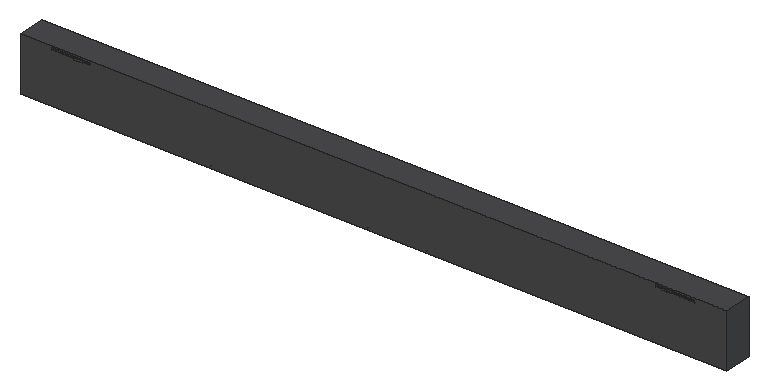
Revit family "DOT BLOCK CEILLING 946_DTSM40U9.1", category Luminarias, Revit 2019
Family settings
  Cota de conector redondo = Diámetro de uso
  Tipo de pieza = Normal
  Se basa en plano de trabajo = Sí
  Siempre vertical = Sí
  Corte con vacíos al cargar = No
  Origen de luz = Sí
  Compartido = No
  Punto de cálculo de habitación = No
Parameters (values of type "DOT BLOCK CEILLING 946_DTSM40U9.1.24")
  Ángulo de inclinación = 60.00°
  Ángulo de enfoque = 24.00°
  Ángulo de campo de foco = 24.00°
  Zone [instance] = ""
  Watt per fixture = 40
  Wattage = 40 W
  built-in parameter 1150107 = 2700 (stored number, unit not read)
  built-in parameter 1150110 = 1 (stored number, unit not read)
  built-in parameter 1150109 = 1 (stored number, unit not read)
  built-in parameter 1150112 = 1 (stored number, unit not read)
  built-in parameter 1150113 = 1 (stored number, unit not read)
  built-in parameter 1114218 = 1 (stored number, unit not read)
  Keynote = ""
  built-in parameter 1150137 = (empty or 0)
  built-in parameter 1150132 = (empty or 0)
  Modelo = "DTSM40U9.1.24"
  Lámpara = "3030SMD PHILIPS"
  Light Source Symbol Length = 3048 mm
  built-in parameter 1150105 = 10699.4 (stored number, unit not read)
  built-in parameter 1150102 = (empty or 0)
  built-in parameter 1150106 = 106.99 (stored number, unit not read)
  Lumens = 3200 lm
  Color Filter = 16777215
  built-in parameter 1114217 = 1 (stored number, unit not read)
  built-in parameter 1150139 = (empty or 0)
  Fabricante = "BRILLANT"
  Default Elevation = 1219.2 mm
  built-in parameter 1150104 = 7.4322 (stored number, unit not read)
  Descripción = "LUMINARIA DOWNLIGHT EN FORMATO RECTANGULAR PARA SOBREPONER DIRECTO EN TECHO, CUERPO DE ALUMINIO ACABADO EN COLOR NEGRO, IP 20, PESO 1.98Kg, TIPO DE LED 3030SMD PHILIPS CON 40W TOTAL, 3100 LUMENES, 80LM/W, IRC 90, TEMPERATURA EN BLANCO CALIDO 2700K, 50 MIL HORAS DE VIDA PROMEDIO, APERTURA DE 24 GRADOS POR STOCK, ALIMENTADO A 90-240V"
  built-in parameter 1150115 = 1 (stored number, unit not read)
  built-in parameter 1150114 = 1 (stored number, unit not read)
  Comentarios de vataje = "90-240V"
  built-in parameter 1150138 = (empty or 0)
  built-in parameter 1150134 = (empty or 0)
  Circuit [instance] = ""
  Dimming Lamp Color Temperature Shift = (empty or 0)
  Longitud de símbolo de origen de luz = 3048 mm
Types (4, lengths in mm): name | Ángulo de enfoque | Ángulo de campo de foco | Modelo | Descripción
  DOT BLOCK CEILLING 946_DTSM40U9.1.24 | 24.00° | 24.00° | "DTSM40U9.1.24" | "LUMINARIA DOWNLIGHT EN FORMATO RECTANGULAR PARA SOBREPONER DIRECTO EN TECHO, CUERPO DE ALUMINIO ACABADO EN COLOR NEGRO, IP 20, PESO 1.98Kg, TIPO DE LED 3030SMD PHILIPS CON 40W TOTAL, 3100 LUMENES, 80LM/W, IRC 90, TEMPERATURA EN BLANCO CALIDO 2700K, 50 MIL HORAS DE VIDA PROMEDIO, APERTURA DE 24 GRADOS POR STOCK, ALIMENTADO A 90-240V"
  DOT BLOCK CEILLING 946_DTSM40U9.1.36 | 36.00° | 36.00° | "DTSM40U9.1.36" | "LUMINARIA DOWNLIGHT EN FORMATO RECTANGULAR PARA SOBREPONER DIRECTO EN TECHO, CUERPO DE ALUMINIO ACABADO EN COLOR NEGRO, IP 20, PESO 1.98Kg, TIPO DE LED 3030SMD PHILIPS CON 40W TOTAL, 3100 LUMENES, 80LM/W, IRC 90, TEMPERATURA EN BLANCO CALIDO 2700K, 50 MIL HORAS DE VIDA PROMEDIO, APERTURA DE 36 GRADOS POR PROYECTO, ALIMENTADO A 90-240V"
  DOT BLOCK CEILLING 946_DTSM40U9.1.15 | 15.00° | 15.00° | "DTSM40U9.1.15" | "LUMINARIA DOWNLIGHT EN FORMATO RECTANGULAR PARA SOBREPONER DIRECTO EN TECHO, CUERPO DE ALUMINIO ACABADO EN COLOR NEGRO, IP 20, PESO 1.98Kg, TIPO DE LED 3030SMD PHILIPS CON 40W TOTAL, 3100 LUMENES, 80LM/W, IRC 90, TEMPERATURA EN BLANCO CALIDO 2700K, 50 MIL HORAS DE VIDA PROMEDIO, APERTURA DE 15 GRADOS POR PROYECTO, ALIMENTADO A 90-240V"
  DOT BLOCK CEILLING 946_DTSM40U9.1.1535 | 35.00° | 15.00° | "DTSM40U9.1.1535" | "LUMINARIA DOWNLIGHT EN FORMATO RECTANGULAR PARA SOBREPONER DIRECTO EN TECHO, CUERPO DE ALUMINIO ACABADO EN COLOR NEGRO, IP 20, PESO 1.98Kg, TIPO DE LED 3030SMD PHILIPS CON 40W TOTAL, 3100 LUMENES, 80LM/W, IRC 90, TEMPERATURA EN BLANCO CALIDO 2700K, 50 MIL HORAS DE VIDA PROMEDIO, APERTURA ELIPTICA DE 15X35 GRADOS POR PROYECTO, ALIMENTADO A 90-240V"
Reference planes
  plane 1 "Centro (Frontal/Posterior)": y = 0
  plane 2: z = 0
  plane 3 "Centro (Izquierda/Derecha)": x = 0
Forms (mm)
  Extrusion 1, solid, material "Default Form", not visible
    sketch origin (0, 0, 0) x (1, 0, 0) y (0, 0, 1)
      loop
        line (-473, 0) -> (-473, -72) -> (473, -72) -> (473, 0) -> (-473, 0)
    from -18.326 to 18.326
  Blend 2, void, not visible
    base sketch origin (-293.63, 0, 0) x (1, 0, 0) y (0, 1, 0)
      loop
        line (-162, 16.149) -> (-162, -16.149) -> (-144.14, -16.149) -> (-144.14, 16.149) -> (-162, 16.149)
    top sketch origin (-293.63, 0, 0) x (1, 0, 0) y (0, 1, 0)
      loop
        line (-160, 12.149) -> (-160, -12.149) -> (-146.14, -12.149) -> (-146.14, 12.149) -> (-160, 12.149)
    from -72 to -61.591
  Blend 3, void, not visible
    base sketch origin (-267.33, 0, 0) x (1, 0, 0) y (0, 1, 0)
      loop
        line (-162, 16.149) -> (-162, -16.149) -> (-144.14, -16.149) -> (-144.14, 16.149) -> (-162, 16.149)
    top sketch origin (-267.33, 0, 0) x (1, 0, 0) y (0, 1, 0)
      loop
        line (-160, 12.149) -> (-160, -12.149) -> (-146.14, -12.149) -> (-146.14, 12.149) -> (-160, 12.149)
    from -72 to -61.591
  Blend 4, void, not visible
    base sketch origin (-241.03, 0, 0) x (1, 0, 0) y (0, 1, 0)
      loop
        line (-162, 16.149) -> (-162, -16.149) -> (-144.14, -16.149) -> (-144.14, 16.149) -> (-162, 16.149)
    top sketch origin (-241.03, 0, 0) x (1, 0, 0) y (0, 1, 0)
      loop
        line (-160, 12.149) -> (-160, -12.149) -> (-146.14, -12.149) -> (-146.14, 12.149) -> (-160, 12.149)
    from -72 to -61.591
  Blend 5, void, not visible
    base sketch origin (-214.73, 0, 0) x (1, 0, 0) y (0, 1, 0)
      loop
        line (-162, 16.149) -> (-162, -16.149) -> (-144.14, -16.149) -> (-144.14, 16.149) -> (-162, 16.149)
    top sketch origin (-214.73, 0, 0) x (1, 0, 0) y (0, 1, 0)
      loop
        line (-160, 12.149) -> (-160, -12.149) -> (-146.14, -12.149) -> (-146.14, 12.149) -> (-160, 12.149)
    from -72 to -61.591
  Blend 6, void, not visible
    base sketch origin (-188.43, 0, 0) x (1, 0, 0) y (0, 1, 0)
      loop
        line (-162, 16.149) -> (-162, -16.149) -> (-144.14, -16.149) -> (-144.14, 16.149) -> (-162, 16.149)
    top sketch origin (-188.43, 0, 0) x (1, 0, 0) y (0, 1, 0)
      loop
        line (-160, 12.149) -> (-160, -12.149) -> (-146.14, -12.149) -> (-146.14, 12.149) -> (-160, 12.149)
    from -72 to -61.591
  Blend 7, void, not visible
    base sketch origin (-162.13, 0, 0) x (1, 0, 0) y (0, 1, 0)
      loop
        line (-162, 16.149) -> (-162, -16.149) -> (-144.14, -16.149) -> (-144.14, 16.149) -> (-162, 16.149)
    top sketch origin (-162.13, 0, 0) x (1, 0, 0) y (0, 1, 0)
      loop
        line (-160, 12.149) -> (-160, -12.149) -> (-146.14, -12.149) -> (-146.14, 12.149) -> (-160, 12.149)
    from -72 to -61.591
  Blend 8, void, not visible
    base sketch origin (-135.83, 0, 0) x (1, 0, 0) y (0, 1, 0)
      loop
        line (-162, 16.149) -> (-162, -16.149) -> (-144.14, -16.149) -> (-144.14, 16.149) -> (-162, 16.149)
    top sketch origin (-135.83, 0, 0) x (1, 0, 0) y (0, 1, 0)
      loop
        line (-160, 12.149) -> (-160, -12.149) -> (-146.14, -12.149) -> (-146.14, 12.149) -> (-160, 12.149)
    from -72 to -61.591
  Blend 9, void, not visible
    base sketch origin (-109.53, 0, 0) x (1, 0, 0) y (0, 1, 0)
      loop
        line (-162, 16.149) -> (-162, -16.149) -> (-144.14, -16.149) -> (-144.14, 16.149) -> (-162, 16.149)
    top sketch origin (-109.53, 0, 0) x (1, 0, 0) y (0, 1, 0)
      loop
        line (-160, 12.149) -> (-160, -12.149) -> (-146.14, -12.149) -> (-146.14, 12.149) -> (-160, 12.149)
    from -72 to -61.591
  Blend 10, void, not visible
    base sketch origin (-83.23, 0, 0) x (1, 0, 0) y (0, 1, 0)
      loop
        line (-162, 16.149) -> (-162, -16.149) -> (-144.14, -16.149) -> (-144.14, 16.149) -> (-162, 16.149)
    top sketch origin (-83.23, 0, 0) x (1, 0, 0) y (0, 1, 0)
      loop
        line (-160, 12.149) -> (-160, -12.149) -> (-146.14, -12.149) -> (-146.14, 12.149) -> (-160, 12.149)
    from -72 to -61.591
  Blend 11, void, not visible
    base sketch origin (-56.93, 0, 0) x (1, 0, 0) y (0, 1, 0)
      loop
        line (-162, 16.149) -> (-162, -16.149) -> (-144.14, -16.149) -> (-144.14, 16.149) -> (-162, 16.149)
    top sketch origin (-56.93, 0, 0) x (1, 0, 0) y (0, 1, 0)
      loop
        line (-160, 12.149) -> (-160, -12.149) -> (-146.14, -12.149) -> (-146.14, 12.149) -> (-160, 12.149)
    from -72 to -61.591
  Blend 12, void, not visible
    base sketch origin (-30.63, 0, 0) x (1, 0, 0) y (0, 1, 0)
      loop
        line (-162, 16.149) -> (-162, -16.149) -> (-144.14, -16.149) -> (-144.14, 16.149) -> (-162, 16.149)
    top sketch origin (-30.63, 0, 0) x (1, 0, 0) y (0, 1, 0)
      loop
        line (-160, 12.149) -> (-160, -12.149) -> (-146.14, -12.149) -> (-146.14, 12.149) -> (-160, 12.149)
    from -72 to -61.591
  Blend 13, void, not visible
    base sketch origin (-4.33, 0, 0) x (1, 0, 0) y (0, 1, 0)
      loop
        line (-162, 16.149) -> (-162, -16.149) -> (-144.14, -16.149) -> (-144.14, 16.149) -> (-162, 16.149)
    top sketch origin (-4.33, 0, 0) x (1, 0, 0) y (0, 1, 0)
      loop
        line (-160, 12.149) -> (-160, -12.149) -> (-146.14, -12.149) -> (-146.14, 12.149) -> (-160, 12.149)
    from -72 to -61.591
  Blend 14, void, not visible
    base sketch origin (21.97, 0, 0) x (1, 0, 0) y (0, 1, 0)
      loop
        line (-162, 16.149) -> (-162, -16.149) -> (-144.14, -16.149) -> (-144.14, 16.149) -> (-162, 16.149)
    top sketch origin (21.97, 0, 0) x (1, 0, 0) y (0, 1, 0)
      loop
        line (-160, 12.149) -> (-160, -12.149) -> (-146.14, -12.149) -> (-146.14, 12.149) -> (-160, 12.149)
    from -72 to -61.591
  Blend 15, void, not visible
    base sketch origin (48.27, 0, 0) x (1, 0, 0) y (0, 1, 0)
      loop
        line (-162, 16.149) -> (-162, -16.149) -> (-144.14, -16.149) -> (-144.14, 16.149) -> (-162, 16.149)
    top sketch origin (48.27, 0, 0) x (1, 0, 0) y (0, 1, 0)
      loop
        line (-160, 12.149) -> (-160, -12.149) -> (-146.14, -12.149) -> (-146.14, 12.149) -> (-160, 12.149)
    from -72 to -61.591
  Blend 16, void, not visible
    base sketch origin (74.57, 0, 0) x (1, 0, 0) y (0, 1, 0)
      loop
        line (-162, 16.149) -> (-162, -16.149) -> (-144.14, -16.149) -> (-144.14, 16.149) -> (-162, 16.149)
    top sketch origin (74.57, 0, 0) x (1, 0, 0) y (0, 1, 0)
      loop
        line (-160, 12.149) -> (-160, -12.149) -> (-146.14, -12.149) -> (-146.14, 12.149) -> (-160, 12.149)
    from -72 to -61.591
  Blend 17, void, not visible
    base sketch origin (100.87, 0, 0) x (1, 0, 0) y (0, 1, 0)
      loop
        line (-162, 16.149) -> (-162, -16.149) -> (-144.14, -16.149) -> (-144.14, 16.149) -> (-162, 16.149)
    top sketch origin (100.87, 0, 0) x (1, 0, 0) y (0, 1, 0)
      loop
        line (-160, 12.149) -> (-160, -12.149) -> (-146.14, -12.149) -> (-146.14, 12.149) -> (-160, 12.149)
    from -72 to -61.591
  Blend 18, void, not visible
    base sketch origin (127.17, 0, 0) x (1, 0, 0) y (0, 1, 0)
      loop
        line (-162, 16.149) -> (-162, -16.149) -> (-144.14, -16.149) -> (-144.14, 16.149) -> (-162, 16.149)
    top sketch origin (127.17, 0, 0) x (1, 0, 0) y (0, 1, 0)
      loop
        line (-160, 12.149) -> (-160, -12.149) -> (-146.14, -12.149) -> (-146.14, 12.149) -> (-160, 12.149)
    from -72 to -61.591
  Blend 19, void, not visible
    base sketch origin (153.47, 0, 0) x (1, 0, 0) y (0, 1, 0)
      loop
        line (-162, 16.149) -> (-162, -16.149) -> (-144.14, -16.149) -> (-144.14, 16.149) -> (-162, 16.149)
    top sketch origin (153.47, 0, 0) x (1, 0, 0) y (0, 1, 0)
      loop
        line (-160, 12.149) -> (-160, -12.149) -> (-146.14, -12.149) -> (-146.14, 12.149) -> (-160, 12.149)
    from -72 to -61.591
  Blend 20, void, not visible
    base sketch origin (179.77, 0, 0) x (1, 0, 0) y (0, 1, 0)
      loop
        line (-162, 16.149) -> (-162, -16.149) -> (-144.14, -16.149) -> (-144.14, 16.149) -> (-162, 16.149)
    top sketch origin (179.77, 0, 0) x (1, 0, 0) y (0, 1, 0)
      loop
        line (-160, 12.149) -> (-160, -12.149) -> (-146.14, -12.149) -> (-146.14, 12.149) -> (-160, 12.149)
    from -72 to -61.591
  Blend 21, void, not visible
    base sketch origin (206.07, 0, 0) x (1, 0, 0) y (0, 1, 0)
      loop
        line (-162, 16.149) -> (-162, -16.149) -> (-144.14, -16.149) -> (-144.14, 16.149) -> (-162, 16.149)
    top sketch origin (206.07, 0, 0) x (1, 0, 0) y (0, 1, 0)
      loop
        line (-160, 12.149) -> (-160, -12.149) -> (-146.14, -12.149) -> (-146.14, 12.149) -> (-160, 12.149)
    from -72 to -61.591
  Blend 22, void, not visible
    base sketch origin (232.37, 0, 0) x (1, 0, 0) y (0, 1, 0)
      loop
        line (-162, 16.149) -> (-162, -16.149) -> (-144.14, -16.149) -> (-144.14, 16.149) -> (-162, 16.149)
    top sketch origin (232.37, 0, 0) x (1, 0, 0) y (0, 1, 0)
      loop
        line (-160, 12.149) -> (-160, -12.149) -> (-146.14, -12.149) -> (-146.14, 12.149) -> (-160, 12.149)
    from -72 to -61.591
  Blend 23, void, not visible
    base sketch origin (258.67, 0, 0) x (1, 0, 0) y (0, 1, 0)
      loop
        line (-162, 16.149) -> (-162, -16.149) -> (-144.14, -16.149) -> (-144.14, 16.149) -> (-162, 16.149)
    top sketch origin (258.67, 0, 0) x (1, 0, 0) y (0, 1, 0)
      loop
        line (-160, 12.149) -> (-160, -12.149) -> (-146.14, -12.149) -> (-146.14, 12.149) -> (-160, 12.149)
    from -72 to -61.591
  Blend 24, void, not visible
    base sketch origin (284.97, 0, 0) x (1, 0, 0) y (0, 1, 0)
      loop
        line (-162, 16.149) -> (-162, -16.149) -> (-144.14, -16.149) -> (-144.14, 16.149) -> (-162, 16.149)
    top sketch origin (284.97, 0, 0) x (1, 0, 0) y (0, 1, 0)
      loop
        line (-160, 12.149) -> (-160, -12.149) -> (-146.14, -12.149) -> (-146.14, 12.149) -> (-160, 12.149)
    from -72 to -61.591
  Blend 25, void, not visible
    base sketch origin (311.27, 0, 0) x (1, 0, 0) y (0, 1, 0)
      loop
        line (-162, 16.149) -> (-162, -16.149) -> (-144.14, -16.149) -> (-144.14, 16.149) -> (-162, 16.149)
    top sketch origin (311.27, 0, 0) x (1, 0, 0) y (0, 1, 0)
      loop
        line (-160, 12.149) -> (-160, -12.149) -> (-146.14, -12.149) -> (-146.14, 12.149) -> (-160, 12.149)
    from -72 to -61.591
  Blend 26, void, not visible
    base sketch origin (337.57, 0, 0) x (1, 0, 0) y (0, 1, 0)
      loop
        line (-162, 16.149) -> (-162, -16.149) -> (-144.14, -16.149) -> (-144.14, 16.149) -> (-162, 16.149)
    top sketch origin (337.57, 0, 0) x (1, 0, 0) y (0, 1, 0)
      loop
        line (-160, 12.149) -> (-160, -12.149) -> (-146.14, -12.149) -> (-146.14, 12.149) -> (-160, 12.149)
    from -72 to -61.591
  Blend 27, void, not visible
    base sketch origin (363.87, 0, 0) x (1, 0, 0) y (0, 1, 0)
      loop
        line (-162, 16.149) -> (-162, -16.149) -> (-144.14, -16.149) -> (-144.14, 16.149) -> (-162, 16.149)
    top sketch origin (363.87, 0, 0) x (1, 0, 0) y (0, 1, 0)
      loop
        line (-160, 12.149) -> (-160, -12.149) -> (-146.14, -12.149) -> (-146.14, 12.149) -> (-160, 12.149)
    from -72 to -61.591
  Blend 28, void, not visible
    base sketch origin (390.17, 0, 0) x (1, 0, 0) y (0, 1, 0)
      loop
        line (-162, 16.149) -> (-162, -16.149) -> (-144.14, -16.149) -> (-144.14, 16.149) -> (-162, 16.149)
    top sketch origin (390.17, 0, 0) x (1, 0, 0) y (0, 1, 0)
      loop
        line (-160, 12.149) -> (-160, -12.149) -> (-146.14, -12.149) -> (-146.14, 12.149) -> (-160, 12.149)
    from -72 to -61.591
  Blend 29, void, not visible
    base sketch origin (416.47, 0, 0) x (1, 0, 0) y (0, 1, 0)
      loop
        line (-162, 16.149) -> (-162, -16.149) -> (-144.14, -16.149) -> (-144.14, 16.149) -> (-162, 16.149)
    top sketch origin (416.47, 0, 0) x (1, 0, 0) y (0, 1, 0)
      loop
        line (-160, 12.149) -> (-160, -12.149) -> (-146.14, -12.149) -> (-146.14, 12.149) -> (-160, 12.149)
    from -72 to -61.591
  Blend 30, void, not visible
    base sketch origin (442.77, 0, 0) x (1, 0, 0) y (0, 1, 0)
      loop
        line (-162, 16.149) -> (-162, -16.149) -> (-144.14, -16.149) -> (-144.14, 16.149) -> (-162, 16.149)
    top sketch origin (442.77, 0, 0) x (1, 0, 0) y (0, 1, 0)
      loop
        line (-160, 12.149) -> (-160, -12.149) -> (-146.14, -12.149) -> (-146.14, 12.149) -> (-160, 12.149)
    from -72 to -61.591
  Blend 31, void, not visible
    base sketch origin (469.07, 0, 0) x (1, 0, 0) y (0, 1, 0)
      loop
        line (-162, 16.149) -> (-162, -16.149) -> (-144.14, -16.149) -> (-144.14, 16.149) -> (-162, 16.149)
    top sketch origin (469.07, 0, 0) x (1, 0, 0) y (0, 1, 0)
      loop
        line (-160, 12.149) -> (-160, -12.149) -> (-146.14, -12.149) -> (-146.14, 12.149) -> (-160, 12.149)
    from -72 to -61.591
  Blend 32, void, not visible
    base sketch origin (495.37, 0, 0) x (1, 0, 0) y (0, 1, 0)
      loop
        line (-162, 16.149) -> (-162, -16.149) -> (-144.14, -16.149) -> (-144.14, 16.149) -> (-162, 16.149)
    top sketch origin (495.37, 0, 0) x (1, 0, 0) y (0, 1, 0)
      loop
        line (-160, 12.149) -> (-160, -12.149) -> (-146.14, -12.149) -> (-146.14, 12.149) -> (-160, 12.149)
    from -72 to -61.591
  Blend 33, void, not visible
    base sketch origin (521.67, 0, 0) x (1, 0, 0) y (0, 1, 0)
      loop
        line (-162, 16.149) -> (-162, -16.149) -> (-144.14, -16.149) -> (-144.14, 16.149) -> (-162, 16.149)
    top sketch origin (521.67, 0, 0) x (1, 0, 0) y (0, 1, 0)
      loop
        line (-160, 12.149) -> (-160, -12.149) -> (-146.14, -12.149) -> (-146.14, 12.149) -> (-160, 12.149)
    from -72 to -61.591
  Blend 34, void, not visible
    base sketch origin (547.97, 0, 0) x (1, 0, 0) y (0, 1, 0)
      loop
        line (-162, 16.149) -> (-162, -16.149) -> (-144.14, -16.149) -> (-144.14, 16.149) -> (-162, 16.149)
    top sketch origin (547.97, 0, 0) x (1, 0, 0) y (0, 1, 0)
      loop
        line (-160, 12.149) -> (-160, -12.149) -> (-146.14, -12.149) -> (-146.14, 12.149) -> (-160, 12.149)
    from -72 to -61.591
  Blend 35, void, not visible
    base sketch origin (574.27, 0, 0) x (1, 0, 0) y (0, 1, 0)
      loop
        line (-162, 16.149) -> (-162, -16.149) -> (-144.14, -16.149) -> (-144.14, 16.149) -> (-162, 16.149)
    top sketch origin (574.27, 0, 0) x (1, 0, 0) y (0, 1, 0)
      loop
        line (-160, 12.149) -> (-160, -12.149) -> (-146.14, -12.149) -> (-146.14, 12.149) -> (-160, 12.149)
    from -72 to -61.591
  Blend 36, void, not visible
    base sketch origin (600.57, 0, 0) x (1, 0, 0) y (0, 1, 0)
      loop
        line (-162, 16.149) -> (-162, -16.149) -> (-144.14, -16.149) -> (-144.14, 16.149) -> (-162, 16.149)
    top sketch origin (600.57, 0, 0) x (1, 0, 0) y (0, 1, 0)
      loop
        line (-160, 12.149) -> (-160, -12.149) -> (-146.14, -12.149) -> (-146.14, 12.149) -> (-160, 12.149)
    from -72 to -61.591
  Extrusion 37, solid, not visible
    sketch origin (-463.861, 0, 3.217) x (0, -1, 0) y (0, 0, -1)
      loop
        line (18.326, 3.217) -> (-18.326, 3.217) -> (-18.326, 73.917) -> (-32.183, 73.917) -> (-32.183, 72.617) -> (-19.626, 72.617) -> (-19.626, 1.917) -> (19.626, 1.917) -> (19.626, 72.617) -> (32.183, 72.617) -> (32.183, 73.917) -> (18.326, 73.917) -> (18.326, 3.217)
    from 89.098 to 128.24
  Extrusion 38, solid, not visible
    sketch origin (-246.523, 0, 3.217) x (0, -1, 0) y (0, 0, 1)
      loop
        line (-19.626, -1.917) -> (19.626, -1.917) -> (19.626, -63.89) -> (20.426, -63.89) -> (20.426, -1.117) -> (-20.426, -1.117) -> (-20.426, -63.89) -> (-19.626, -63.89) -> (-19.626, -1.917)
    from 122.954 to 124.098
  Extrusion 39, solid, not visible
    sketch origin (-463.861, 0, 3.217) x (0, -1, 0) y (0, 0, -1)
      loop
        line (-19.626, 1.917) -> (-19.626, 63.89) -> (-20.426, 63.89) -> (-20.426, 1.117) -> (20.426, 1.117) -> (20.426, 63.89) -> (19.626, 63.89) -> (19.626, 1.917) -> (-19.626, 1.917)
    from 122.954 to 124.098
  Extrusion 40, void, not visible
    sketch origin (0, 0, 0) x (1, 0, 0) y (0, 1, 0)
      loop
        circle (-363.799, -25.904) r 2.055
      loop
        circle (-346.585, -25.904) r 2.055
      loop
        circle (-363.799, 25.904) r 2.055
      loop
        circle (-346.585, 25.904) r 2.055
    from -70.7 to -69.4
  Blend 41, void
    base sketch origin (74.57, 130.851, 72) x (1, 0, 0) y (0, 1, 0)
      loop
        line (-162, -147) -> (-144.14, -147) -> (-144.14, -114.702) -> (-162, -114.702) -> (-162, -147)
    top sketch origin (74.57, 130.851, 72) x (1, 0, 0) y (0, 1, 0)
      loop
        line (-160, -143) -> (-146.14, -143) -> (-146.14, -118.702) -> (-160, -118.702) -> (-160, -143)
    from -72 to -61.591
  Blend 42, void
    base sketch origin (100.87, 130.851, 72) x (1, 0, 0) y (0, 1, 0)
      loop
        line (-162, -147) -> (-144.14, -147) -> (-144.14, -114.702) -> (-162, -114.702) -> (-162, -147)
    top sketch origin (100.87, 130.851, 72) x (1, 0, 0) y (0, 1, 0)
      loop
        line (-160, -143) -> (-146.14, -143) -> (-146.14, -118.702) -> (-160, -118.702) -> (-160, -143)
    from -72 to -61.591
  Blend 43, void
    base sketch origin (127.17, 130.851, 72) x (1, 0, 0) y (0, 1, 0)
      loop
        line (-162, -147) -> (-144.14, -147) -> (-144.14, -114.702) -> (-162, -114.702) -> (-162, -147)
    top sketch origin (127.17, 130.851, 72) x (1, 0, 0) y (0, 1, 0)
      loop
        line (-160, -143) -> (-146.14, -143) -> (-146.14, -118.702) -> (-160, -118.702) -> (-160, -143)
    from -72 to -61.591
  Blend 44, void
    base sketch origin (153.47, 130.851, 72) x (1, 0, 0) y (0, 1, 0)
      loop
        line (-162, -147) -> (-144.14, -147) -> (-144.14, -114.702) -> (-162, -114.702) -> (-162, -147)
    top sketch origin (153.47, 130.851, 72) x (1, 0, 0) y (0, 1, 0)
      loop
        line (-160, -143) -> (-146.14, -143) -> (-146.14, -118.702) -> (-160, -118.702) -> (-160, -143)
    from -72 to -61.591
  Blend 45, void
    base sketch origin (179.77, 130.851, 72) x (1, 0, 0) y (0, 1, 0)
      loop
        line (-162, -147) -> (-144.14, -147) -> (-144.14, -114.702) -> (-162, -114.702) -> (-162, -147)
    top sketch origin (179.77, 130.851, 72) x (1, 0, 0) y (0, 1, 0)
      loop
        line (-160, -143) -> (-146.14, -143) -> (-146.14, -118.702) -> (-160, -118.702) -> (-160, -143)
    from -72 to -61.591
  Blend 46, void
    base sketch origin (206.07, 130.851, 72) x (1, 0, 0) y (0, 1, 0)
      loop
        line (-162, -147) -> (-144.14, -147) -> (-144.14, -114.702) -> (-162, -114.702) -> (-162, -147)
    top sketch origin (206.07, 130.851, 72) x (1, 0, 0) y (0, 1, 0)
      loop
        line (-160, -143) -> (-146.14, -143) -> (-146.14, -118.702) -> (-160, -118.702) -> (-160, -143)
    from -72 to -61.591
  Blend 47, void
    base sketch origin (232.37, 130.851, 72) x (1, 0, 0) y (0, 1, 0)
      loop
        line (-162, -147) -> (-144.14, -147) -> (-144.14, -114.702) -> (-162, -114.702) -> (-162, -147)
    top sketch origin (232.37, 130.851, 72) x (1, 0, 0) y (0, 1, 0)
      loop
        line (-160, -143) -> (-146.14, -143) -> (-146.14, -118.702) -> (-160, -118.702) -> (-160, -143)
    from -72 to -61.591
  Extrusion 48, solid, material "Default Form"
    sketch origin (0, 0, 72) x (1, 0, 0) y (0, 0, -1)
      loop
        line (-473, 0) -> (473, 0) -> (473, 72) -> (-473, 72) -> (-473, 0)
    from -18.326 to 18.326
  Blend 49, void
    base sketch origin (258.67, 130.851, 72) x (1, 0, 0) y (0, 1, 0)
      loop
        line (-162, -147) -> (-144.14, -147) -> (-144.14, -114.702) -> (-162, -114.702) -> (-162, -147)
    top sketch origin (258.67, 130.851, 72) x (1, 0, 0) y (0, 1, 0)
      loop
        line (-160, -143) -> (-146.14, -143) -> (-146.14, -118.702) -> (-160, -118.702) -> (-160, -143)
    from -72 to -61.591
  Blend 50, void
    base sketch origin (284.97, 130.851, 72) x (1, 0, 0) y (0, 1, 0)
      loop
        line (-162, -147) -> (-144.14, -147) -> (-144.14, -114.702) -> (-162, -114.702) -> (-162, -147)
    top sketch origin (284.97, 130.851, 72) x (1, 0, 0) y (0, 1, 0)
      loop
        line (-160, -143) -> (-146.14, -143) -> (-146.14, -118.702) -> (-160, -118.702) -> (-160, -143)
    from -72 to -61.591
  Blend 51, void
    base sketch origin (21.97, 130.851, 72) x (1, 0, 0) y (0, 1, 0)
      loop
        line (-162, -147) -> (-144.14, -147) -> (-144.14, -114.702) -> (-162, -114.702) -> (-162, -147)
    top sketch origin (21.97, 130.851, 72) x (1, 0, 0) y (0, 1, 0)
      loop
        line (-160, -143) -> (-146.14, -143) -> (-146.14, -118.702) -> (-160, -118.702) -> (-160, -143)
    from -72 to -61.591
  Blend 52, void
    base sketch origin (48.27, 130.851, 72) x (1, 0, 0) y (0, 1, 0)
      loop
        line (-162, -147) -> (-144.14, -147) -> (-144.14, -114.702) -> (-162, -114.702) -> (-162, -147)
    top sketch origin (48.27, 130.851, 72) x (1, 0, 0) y (0, 1, 0)
      loop
        line (-160, -143) -> (-146.14, -143) -> (-146.14, -118.702) -> (-160, -118.702) -> (-160, -143)
    from -72 to -61.591
  Extrusion 53, void
    sketch origin (-308.75, 0, 0) x (1, 0, 0) y (0, 1, 0)
      loop
        line (-122.17, -18.326) -> (-69.57, -18.326) -> (-69.57, -16.149) -> (-122.17, -16.149) -> (-122.17, -18.326)
      loop
        line (-122.17, 18.326) -> (-122.17, 16.149) -> (-69.57, 16.149) -> (-69.57, 18.326) -> (-122.17, 18.326)
    from 66.852 to 70.535
  Extrusion 54, solid, material "Default Form"
    sketch origin (-25, 0, 0) x (1, 0, 0) y (0, 1, 0)
      loop
        line (-362.305, -16.149) -> (-363.639, -16.149) -> (-363.639, -18.326) -> (-374.139, -18.326) -> (-374.139, -20.238) -> (-362.305, -20.238) -> (-362.305, -16.149)
      loop
        line (-362.305, 16.149) -> (-362.305, 20.238) -> (-374.139, 20.238) -> (-374.139, 18.326) -> (-363.639, 18.326) -> (-363.639, 16.149) -> (-362.305, 16.149)
      loop
        line (412.305, -16.149) -> (412.305, -20.238) -> (424.139, -20.238) -> (424.139, -18.326) -> (413.639, -18.326) -> (413.639, -16.149) -> (412.305, -16.149)
      loop
        line (412.305, 16.149) -> (413.639, 16.149) -> (413.639, 18.326) -> (424.139, 18.326) -> (424.139, 20.238) -> (412.305, 20.238) -> (412.305, 16.149)
    from 67.466 to 69.773
  Extrusion 55, void
    sketch origin (308.75, 0, 0) x (-1, 0, 0) y (0, -1, 0)
      loop
        line (-122.17, 18.326) -> (-122.17, 16.149) -> (-69.57, 16.149) -> (-69.57, 18.326) -> (-122.17, 18.326)
      loop
        line (-122.17, -18.326) -> (-69.57, -18.326) -> (-69.57, -16.149) -> (-122.17, -16.149) -> (-122.17, -18.326)
    from 66.852 to 70.535
  Blend 56, void
    base sketch origin (-56.93, 130.851, 72) x (1, 0, 0) y (0, 1, 0)
      loop
        line (-162, -147) -> (-144.14, -147) -> (-144.14, -114.702) -> (-162, -114.702) -> (-162, -147)
    top sketch origin (-56.93, 130.851, 72) x (1, 0, 0) y (0, 1, 0)
      loop
        line (-160, -143) -> (-146.14, -143) -> (-146.14, -118.702) -> (-160, -118.702) -> (-160, -143)
    from -72 to -61.591
  Blend 57, void
    base sketch origin (-30.63, 130.851, 72) x (1, 0, 0) y (0, 1, 0)
      loop
        line (-162, -147) -> (-144.14, -147) -> (-144.14, -114.702) -> (-162, -114.702) -> (-162, -147)
    top sketch origin (-30.63, 130.851, 72) x (1, 0, 0) y (0, 1, 0)
      loop
        line (-160, -143) -> (-146.14, -143) -> (-146.14, -118.702) -> (-160, -118.702) -> (-160, -143)
    from -72 to -61.591
  Blend 58, void
    base sketch origin (-4.33, 130.851, 72) x (1, 0, 0) y (0, 1, 0)
      loop
        line (-162, -147) -> (-144.14, -147) -> (-144.14, -114.702) -> (-162, -114.702) -> (-162, -147)
    top sketch origin (-4.33, 130.851, 72) x (1, 0, 0) y (0, 1, 0)
      loop
        line (-160, -143) -> (-146.14, -143) -> (-146.14, -118.702) -> (-160, -118.702) -> (-160, -143)
    from -72 to -61.591
  Blend 59, void
    base sketch origin (-109.53, 130.851, 72) x (1, 0, 0) y (0, 1, 0)
      loop
        line (-162, -147) -> (-144.14, -147) -> (-144.14, -114.702) -> (-162, -114.702) -> (-162, -147)
    top sketch origin (-109.53, 130.851, 72) x (1, 0, 0) y (0, 1, 0)
      loop
        line (-160, -143) -> (-146.14, -143) -> (-146.14, -118.702) -> (-160, -118.702) -> (-160, -143)
    from -72 to -61.591
  Blend 60, void
    base sketch origin (-83.23, 130.851, 72) x (1, 0, 0) y (0, 1, 0)
      loop
        line (-162, -147) -> (-144.14, -147) -> (-144.14, -114.702) -> (-162, -114.702) -> (-162, -147)
    top sketch origin (-83.23, 130.851, 72) x (1, 0, 0) y (0, 1, 0)
      loop
        line (-160, -143) -> (-146.14, -143) -> (-146.14, -118.702) -> (-160, -118.702) -> (-160, -143)
    from -72 to -61.591
  Blend 61, void
    base sketch origin (-135.83, 130.851, 72) x (1, 0, 0) y (0, 1, 0)
      loop
        line (-162, -147) -> (-144.14, -147) -> (-144.14, -114.702) -> (-162, -114.702) -> (-162, -147)
    top sketch origin (-135.83, 130.851, 72) x (1, 0, 0) y (0, 1, 0)
      loop
        line (-160, -143) -> (-146.14, -143) -> (-146.14, -118.702) -> (-160, -118.702) -> (-160, -143)
    from -72 to -61.591
  Blend 62, void
    base sketch origin (-188.43, 130.851, 72) x (1, 0, 0) y (0, 1, 0)
      loop
        line (-162, -147) -> (-144.14, -147) -> (-144.14, -114.702) -> (-162, -114.702) -> (-162, -147)
    top sketch origin (-188.43, 130.851, 72) x (1, 0, 0) y (0, 1, 0)
      loop
        line (-160, -143) -> (-146.14, -143) -> (-146.14, -118.702) -> (-160, -118.702) -> (-160, -143)
    from -72 to -61.591
  Blend 63, void
    base sketch origin (-162.13, 130.851, 72) x (1, 0, 0) y (0, 1, 0)
      loop
        line (-162, -147) -> (-144.14, -147) -> (-144.14, -114.702) -> (-162, -114.702) -> (-162, -147)
    top sketch origin (-162.13, 130.851, 72) x (1, 0, 0) y (0, 1, 0)
      loop
        line (-160, -143) -> (-146.14, -143) -> (-146.14, -118.702) -> (-160, -118.702) -> (-160, -143)
    from -72 to -61.591
  Blend 64, void
    base sketch origin (311.27, 130.851, 72) x (1, 0, 0) y (0, 1, 0)
      loop
        line (-162, -147) -> (-144.14, -147) -> (-144.14, -114.702) -> (-162, -114.702) -> (-162, -147)
    top sketch origin (311.27, 130.851, 72) x (1, 0, 0) y (0, 1, 0)
      loop
        line (-160, -143) -> (-146.14, -143) -> (-146.14, -118.702) -> (-160, -118.702) -> (-160, -143)
    from -72 to -61.591
  Blend 65, void
    base sketch origin (337.57, 130.851, 72) x (1, 0, 0) y (0, 1, 0)
      loop
        line (-162, -147) -> (-144.14, -147) -> (-144.14, -114.702) -> (-162, -114.702) -> (-162, -147)
    top sketch origin (337.57, 130.851, 72) x (1, 0, 0) y (0, 1, 0)
      loop
        line (-160, -143) -> (-146.14, -143) -> (-146.14, -118.702) -> (-160, -118.702) -> (-160, -143)
    from -72 to -61.591
  Blend 66, void
    base sketch origin (363.87, 130.851, 72) x (1, 0, 0) y (0, 1, 0)
      loop
        line (-162, -147) -> (-144.14, -147) -> (-144.14, -114.702) -> (-162, -114.702) -> (-162, -147)
    top sketch origin (363.87, 130.851, 72) x (1, 0, 0) y (0, 1, 0)
      loop
        line (-160, -143) -> (-146.14, -143) -> (-146.14, -118.702) -> (-160, -118.702) -> (-160, -143)
    from -72 to -61.591
  Blend 67, void
    base sketch origin (390.17, 130.851, 72) x (1, 0, 0) y (0, 1, 0)
      loop
        line (-162, -147) -> (-144.14, -147) -> (-144.14, -114.702) -> (-162, -114.702) -> (-162, -147)
    top sketch origin (390.17, 130.851, 72) x (1, 0, 0) y (0, 1, 0)
      loop
        line (-160, -143) -> (-146.14, -143) -> (-146.14, -118.702) -> (-160, -118.702) -> (-160, -143)
    from -72 to -61.591
  Blend 68, void
    base sketch origin (416.47, 130.851, 72) x (1, 0, 0) y (0, 1, 0)
      loop
        line (-162, -147) -> (-144.14, -147) -> (-144.14, -114.702) -> (-162, -114.702) -> (-162, -147)
    top sketch origin (416.47, 130.851, 72) x (1, 0, 0) y (0, 1, 0)
      loop
        line (-160, -143) -> (-146.14, -143) -> (-146.14, -118.702) -> (-160, -118.702) -> (-160, -143)
    from -72 to -61.591
  Blend 69, void
    base sketch origin (442.77, 130.851, 72) x (1, 0, 0) y (0, 1, 0)
      loop
        line (-162, -147) -> (-144.14, -147) -> (-144.14, -114.702) -> (-162, -114.702) -> (-162, -147)
    top sketch origin (442.77, 130.851, 72) x (1, 0, 0) y (0, 1, 0)
      loop
        line (-160, -143) -> (-146.14, -143) -> (-146.14, -118.702) -> (-160, -118.702) -> (-160, -143)
    from -72 to -61.591
  Blend 70, void
    base sketch origin (469.07, 130.851, 72) x (1, 0, 0) y (0, 1, 0)
      loop
        line (-162, -147) -> (-144.14, -147) -> (-144.14, -114.702) -> (-162, -114.702) -> (-162, -147)
    top sketch origin (469.07, 130.851, 72) x (1, 0, 0) y (0, 1, 0)
      loop
        line (-160, -143) -> (-146.14, -143) -> (-146.14, -118.702) -> (-160, -118.702) -> (-160, -143)
    from -72 to -61.591
  Blend 71, void
    base sketch origin (495.37, 130.851, 72) x (1, 0, 0) y (0, 1, 0)
      loop
        line (-162, -147) -> (-144.14, -147) -> (-144.14, -114.702) -> (-162, -114.702) -> (-162, -147)
    top sketch origin (495.37, 130.851, 72) x (1, 0, 0) y (0, 1, 0)
      loop
        line (-160, -143) -> (-146.14, -143) -> (-146.14, -118.702) -> (-160, -118.702) -> (-160, -143)
    from -72 to -61.591
  Blend 72, void
    base sketch origin (-214.73, 130.851, 72) x (1, 0, 0) y (0, 1, 0)
      loop
        line (-162, -147) -> (-144.14, -147) -> (-144.14, -114.702) -> (-162, -114.702) -> (-162, -147)
    top sketch origin (-214.73, 130.851, 72) x (1, 0, 0) y (0, 1, 0)
      loop
        line (-160, -143) -> (-146.14, -143) -> (-146.14, -118.702) -> (-160, -118.702) -> (-160, -143)
    from -72 to -61.591
  Blend 73, void
    base sketch origin (-267.33, 130.851, 72) x (1, 0, 0) y (0, 1, 0)
      loop
        line (-162, -147) -> (-144.14, -147) -> (-144.14, -114.702) -> (-162, -114.702) -> (-162, -147)
    top sketch origin (-267.33, 130.851, 72) x (1, 0, 0) y (0, 1, 0)
      loop
        line (-160, -143) -> (-146.14, -143) -> (-146.14, -118.702) -> (-160, -118.702) -> (-160, -143)
    from -72 to -61.591
  Blend 74, void
    base sketch origin (-241.03, 130.851, 72) x (1, 0, 0) y (0, 1, 0)
      loop
        line (-162, -147) -> (-144.14, -147) -> (-144.14, -114.702) -> (-162, -114.702) -> (-162, -147)
    top sketch origin (-241.03, 130.851, 72) x (1, 0, 0) y (0, 1, 0)
      loop
        line (-160, -143) -> (-146.14, -143) -> (-146.14, -118.702) -> (-160, -118.702) -> (-160, -143)
    from -72 to -61.591
  Blend 75, void
    base sketch origin (-293.63, 130.851, 72) x (1, 0, 0) y (0, 1, 0)
      loop
        line (-162, -147) -> (-144.14, -147) -> (-144.14, -114.702) -> (-162, -114.702) -> (-162, -147)
    top sketch origin (-293.63, 130.851, 72) x (1, 0, 0) y (0, 1, 0)
      loop
        line (-160, -143) -> (-146.14, -143) -> (-146.14, -118.702) -> (-160, -118.702) -> (-160, -143)
    from -72 to -61.591
  Blend 76, void
    base sketch origin (521.67, 130.851, 72) x (1, 0, 0) y (0, 1, 0)
      loop
        line (-162, -147) -> (-144.14, -147) -> (-144.14, -114.702) -> (-162, -114.702) -> (-162, -147)
    top sketch origin (521.67, 130.851, 72) x (1, 0, 0) y (0, 1, 0)
      loop
        line (-160, -143) -> (-146.14, -143) -> (-146.14, -118.702) -> (-160, -118.702) -> (-160, -143)
    from -72 to -61.591
  Blend 77, void
    base sketch origin (547.97, 130.851, 72) x (1, 0, 0) y (0, 1, 0)
      loop
        line (-162, -147) -> (-144.14, -147) -> (-144.14, -114.702) -> (-162, -114.702) -> (-162, -147)
    top sketch origin (547.97, 130.851, 72) x (1, 0, 0) y (0, 1, 0)
      loop
        line (-160, -143) -> (-146.14, -143) -> (-146.14, -118.702) -> (-160, -118.702) -> (-160, -143)
    from -72 to -61.591
  Blend 78, void
    base sketch origin (574.27, 130.851, 72) x (1, 0, 0) y (0, 1, 0)
      loop
        line (-162, -147) -> (-144.14, -147) -> (-144.14, -114.702) -> (-162, -114.702) -> (-162, -147)
    top sketch origin (574.27, 130.851, 72) x (1, 0, 0) y (0, 1, 0)
      loop
        line (-160, -143) -> (-146.14, -143) -> (-146.14, -118.702) -> (-160, -118.702) -> (-160, -143)
    from -72 to -61.591
  Blend 79, void
    base sketch origin (600.57, 130.851, 72) x (1, 0, 0) y (0, 1, 0)
      loop
        line (-162, -147) -> (-144.14, -147) -> (-144.14, -114.702) -> (-162, -114.702) -> (-162, -147)
    top sketch origin (600.57, 130.851, 72) x (1, 0, 0) y (0, 1, 0)
      loop
        line (-160, -143) -> (-146.14, -143) -> (-146.14, -118.702) -> (-160, -118.702) -> (-160, -143)
    from -72 to -61.591
Cuts and joins
  Blend 41, Blend 42, Blend 43, Blend 44, Blend 45, Blend 46, Blend 47, Blend 49, Blend 50, Blend 51, Blend 52, Extrusion 53, Extrusion 55, Blend 56, Blend 57, Blend 58, Blend 59, Blend 60, Blend 61, Blend 62, Blend 63, Blend 64, Blend 65, Blend 66, Blend 67, Blend 68, Blend 69, Blend 70, Blend 71, Blend 72, Blend 73, Blend 74, Blend 75, Blend 76, Blend 77, Blend 78, Blend 79 cuts Extrusion 48
  Extrusion 55 cuts Extrusion 54
Dimensions and locks
  cut or joined group 1 (Blend 41, Blend 42, Blend 43, Blend 44, Blend 45, Blend 46, Blend 47, Extrusion 48, Blend 49, Blend 50, Blend 51, Blend 52, Extrusion 53, Extrusion 55, Blend 56, Blend 57, Blend 58, Blend 59, Blend 60, Blend 61, Blend 62, Blend 63, Blend 64, Blend 65, Blend 66, Blend 67, Blend 68, Blend 69, Blend 70, Blend 71, Blend 72, Blend 73, Blend 74, Blend 75, Blend 76, Blend 77, Blend 78, Blend 79) to cut or joined group 1 = 72 mm  (x2)
  cut or joined group 1 to cut or joined group 1 = 36.651 mm
  cut or joined group 1 to cut or joined group 1 = 946 mm
  cut or joined group 1 to cut or joined group 1 = 42.08 mm  (x2)
  aligned and locked: level to plane 2
Connectors
  electrical at (0, 0, 72)
    settings: on cut or joined group 1, index 1, voltage 0 V, apparent load 0 VA, apparent load phase1 0 VA, apparent load phase2 0 VA, apparent load phase3 0 VA, power factor 1, load classification "Otro", number of poles 1, system type 31, power factor state 1, is connector primary yes, connector utility no, sub classification motor no, connector description ""
